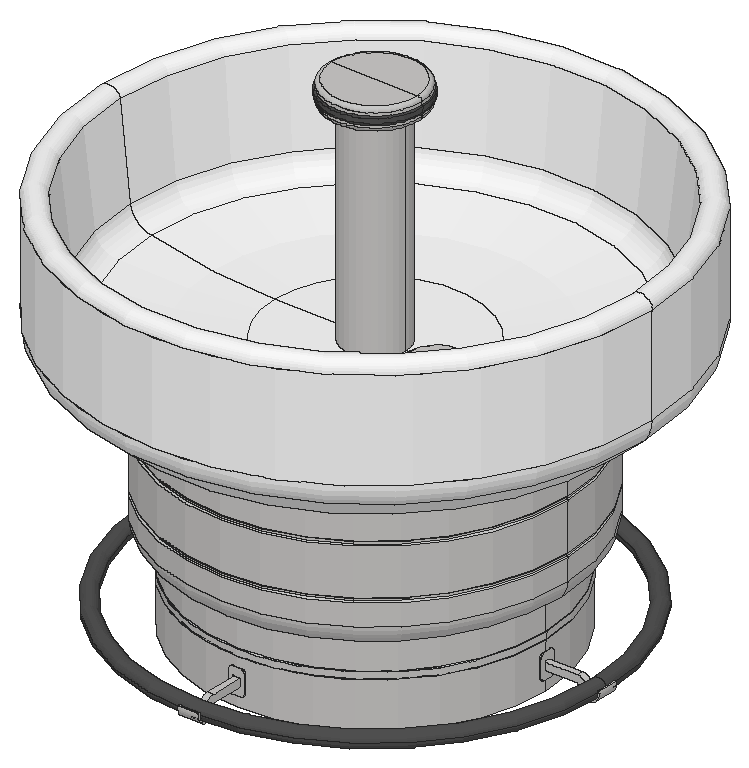
Revit family "Washfountain_Lavatory-Bradley_Corp-WF2605-Type_B_Drain", category Plumbing Fixtures, Revit 2012 (continued)
Automatic sketch dimensions
  plane 3 "Center (Left/Right)" to Masking region 28 sketch curve = 3.52868"
  plane 3 "Center (Left/Right)" to Masking region 28 sketch curve = 5.500"
  Masking region 28 sketch curve to plane 1 "Center (Front/Back)" = 3.13814"  (x2)
  Masking region 28 sketch curve to Masking region 28 sketch curve = 0.06458"  (x2)
  Masking region 28 sketch curve to plane 1 "Center (Front/Back)" = 1.13814"  (x2)
  Masking region 28 sketch curve to Masking region 28 sketch curve = 3.4641"
  Masking region 28 sketch curve to plane 3 "Center (Left/Right)" = 0.06458"
  Masking region 28 sketch curve to plane 3 "Center (Left/Right)" = 3.52868"
  Masking region 28 sketch curve to plane 3 "Center (Left/Right)" = 5.500"
  Masking region 28 sketch curve to Masking region 28 sketch curve = 0.11186"  (x2)
  Masking region 28 sketch curve to Masking region 28 sketch curve = 4.000"
  curve 169 to plane 1 "Center (Front/Back)" = 2.26314"
  plane 3 "Center (Left/Right)" to curve 169 = 7.08013"
  curve 169 to curve 166 = 1.51554"
  curve 166 to curve 165 = 0.06458"
  curve 167 to curve 165 = 0.000"
  plane 3 "Center (Left/Right)" to curve 169 = 1.58013"
  plane 3 "Center (Left/Right)" to curve 166 = 0.06458"
  curve 164 to plane 3 "Center (Left/Right)" = 0.06458"
  curve 168 to plane 3 "Center (Left/Right)" = 1.58013"
  curve 167 to plane 3 "Center (Left/Right)" = 5.500"
  curve 165 to curve 167 = 0.000"
  curve 165 to curve 164 = 0.06458"
  curve 168 to plane 1 "Center (Front/Back)" = 2.26314"
  curve 164 to curve 168 = 1.51554"
  curve 164 to curve 168 = 0.875"  (x2)
  curve 166 to curve 169 = 0.875"  (x2)
  curve 165 to curve 164 = 0.11186"
  curve 167 to curve 165 = 1.750"
  plane 1 "Center (Front/Back)" to curve 166 = 6.38814"
  curve 164 to curve 166 = 0.000"
  Masking region 29 sketch curve to plane 1 "Center (Front/Back)" = 0.000"
  Masking region 29 sketch curve to plane 3 "Center (Left/Right)" = 0.000"
  curve 170 to plane 1 "Center (Front/Back)" = 0.000"
  curve 170 to plane 3 "Center (Left/Right)" = 0.000"
  Masking region 30 sketch curve to plane 1 "Center (Front/Back)" = 0.000"
  Masking region 30 sketch curve to plane 3 "Center (Left/Right)" = 0.000"
  Masking region 31 sketch curve to plane 1 "Center (Front/Back)" = 0.000"
  Masking region 31 sketch curve to plane 3 "Center (Left/Right)" = 0.000"
  Masking region 32 sketch curve to curve 14 = 0.000"
  curve 14 to Masking region 32 sketch curve = 6.47131"
  Masking region 32 sketch curve to Masking region 32 sketch curve = 1.40286"  (x2)
  Masking region 32 sketch curve to Masking region 32 sketch curve = 22.25166"
  Masking region 32 sketch curve to curve 14 = 9.60015"
  curve 14 to Masking region 32 sketch curve = 9.60015"
  Masking region 32 sketch curve to Masking region 32 sketch curve = 5.39985"
  Revolve 17 sketch curve to curve 14 = 0.000"
  Revolve 17 sketch curve to Revolve 17 sketch curve = 0.000"
  curve 14 to Revolve 17 sketch curve = 7.87417"
  Revolve 17 sketch curve to Revolve 17 sketch curve = 1.40286"
  Revolve 17 sketch curve to curve 14 = 12.22916"
  Revolve 17 sketch curve to Revolve 17 sketch curve = 6.77084"
  Revolve 17 sketch curve to Revolve 17 sketch curve = 3.52552"
  Revolve 17 sketch curve to Revolve 17 sketch curve = 2.47448"
  Masking region 33 sketch curve to curve 14 = 0.000"
  curve 14 to Masking region 33 sketch curve = 6.47131"
  Masking region 33 sketch curve to Masking region 33 sketch curve = 1.40286"  (x2)
  Masking region 33 sketch curve to Masking region 33 sketch curve = 22.25166"
  Masking region 33 sketch curve to curve 14 = 12.22916"
  Masking region 33 sketch curve to Masking region 33 sketch curve = 6.77084"
  Extrusion 18 sketch curve to plane 1 "Center (Front/Back)" = 0.000"
  Extrusion 18 sketch curve to plane 3 "Center (Left/Right)" = 0.000"
  plane 3 "Center (Left/Right)" to Extrusion 18 sketch curve = 0.06458"
  plane 3 "Center (Left/Right)" to Extrusion 18 sketch curve = 5.500"
  Extrusion 18 sketch curve to Extrusion 18 sketch curve = 0.06458"  (x2)
  Extrusion 18 sketch curve to plane 3 "Center (Left/Right)" = 0.06458"
  Extrusion 18 sketch curve to plane 3 "Center (Left/Right)" = 5.500"
  Extrusion 18 sketch curve to plane 1 "Center (Front/Back)" = 3.13814"  (x2)
  Extrusion 18 sketch curve to Extrusion 18 sketch curve = 0.11186"
  plane 1 "Center (Front/Back)" to Extrusion 18 sketch curve = 6.38814"
  Extrusion 19 sketch curve to Extrusion 19 sketch curve = 0.000"  (x2)
  Extrusion 19 sketch curve to plane 1 "Center (Front/Back)" = 0.000"
  Extrusion 19 sketch curve to plane 3 "Center (Left/Right)" = 0.000"
  plane 3 "Center (Left/Right)" to Extrusion 19 sketch curve = 0.06458"
  Extrusion 19 sketch curve to Extrusion 19 sketch curve = 2.000"
  Extrusion 19 sketch curve to Extrusion 19 sketch curve = 3.500"  (x2)
  Extrusion 19 sketch curve to Extrusion 19 sketch curve = 0.06458"  (x2)
  Extrusion 19 sketch curve to plane 3 "Center (Left/Right)" = 0.06458"
  Extrusion 19 sketch curve to plane 1 "Center (Front/Back)" = 3.13814"  (x2)
  Extrusion 19 sketch curve to Extrusion 19 sketch curve = 0.11186"
  plane 1 "Center (Front/Back)" to Extrusion 19 sketch curve = 6.38814"
  Sweep 20 sketch curve to profile plane = 0.000"
  profile plane to Sweep 20 sketch curve = 1.425"
  Extrusion 21 sketch curve to Extrusion 21 sketch curve = 0.000"  (x5)
  level to Extrusion 21 sketch curve = 1.57982"
  plane 11 to Extrusion 21 sketch curve = 2.90732"
  Extrusion 21 sketch curve to Extrusion 21 sketch curve = 0.04831"
  Extrusion 21 sketch curve to Extrusion 21 sketch curve = 0.48307"
  Extrusion 21 sketch curve to Extrusion 21 sketch curve = 0.48846"
  Extrusion 21 sketch curve to Extrusion 21 sketch curve = 0.04885"
  Extrusion 21 sketch curve to Extrusion 21 sketch curve = 0.0129"
  Extrusion 22 sketch curve to Extrusion 22 sketch curve = 0.000"  (x3)
  level to Extrusion 22 sketch curve = 0.825"
  plane 11 to Extrusion 22 sketch curve = 3.487"
  Extrusion 22 sketch curve to Extrusion 22 sketch curve = 0.19771"
  Extrusion 22 sketch curve to Extrusion 22 sketch curve = 0.600"
  Extrusion 22 sketch curve to Extrusion 22 sketch curve = 0.45214"
  Extrusion 22 sketch curve to Extrusion 22 sketch curve = 0.14125"
  Extrusion 22 sketch curve to Extrusion 22 sketch curve = 2.19378"
  Extrusion 22 sketch curve to Extrusion 22 sketch curve = 0.34334"
  plane 1 "Center (Front/Back)" to Extrusion 23 sketch curve = 0.49684"
  plane 1 "Center (Front/Back)" to Extrusion 23 sketch curve = 0.24684"  (x2)
  plane 1 "Center (Front/Back)" to Extrusion 23 sketch curve = 0.2403"
  Extrusion 23 sketch curve to plane 1 "Center (Front/Back)" = 0.2403"
  Extrusion 23 sketch curve to plane 1 "Center (Front/Back)" = 0.25316"  (x2)
  Extrusion 23 sketch curve to Extrusion 23 sketch curve = 0.250"
  level to Extrusion 23 sketch curve = 0.71062"
  Extrusion 23 sketch curve to Extrusion 23 sketch curve = 0.2684"  (x2)
  Extrusion 23 sketch curve to Extrusion 23 sketch curve = 0.5882"
  Extrusion 24 sketch curve to Extrusion 24 sketch curve = 0.000"  (x5)
  level to Extrusion 24 sketch curve = 1.57982"
  Extrusion 24 sketch curve to plane 14 = 2.90732"
  Extrusion 24 sketch curve to Extrusion 24 sketch curve = 0.04831"
  Extrusion 24 sketch curve to Extrusion 24 sketch curve = 0.48307"
  Extrusion 24 sketch curve to Extrusion 24 sketch curve = 0.48846"
  Extrusion 24 sketch curve to Extrusion 24 sketch curve = 0.04885"
  Extrusion 24 sketch curve to Extrusion 24 sketch curve = 0.0129"
  Extrusion 25 sketch curve to Extrusion 25 sketch curve = 0.000"  (x3)
  level to Extrusion 25 sketch curve = 0.825"
  Extrusion 25 sketch curve to plane 14 = 3.487"
  Extrusion 25 sketch curve to Extrusion 25 sketch curve = 0.19771"
  Extrusion 25 sketch curve to Extrusion 25 sketch curve = 0.600"
  Extrusion 25 sketch curve to Extrusion 25 sketch curve = 0.45214"
  Extrusion 25 sketch curve to Extrusion 25 sketch curve = 0.14125"
  Extrusion 25 sketch curve to Extrusion 25 sketch curve = 2.19378"
  Extrusion 25 sketch curve to Extrusion 25 sketch curve = 0.34334"
  plane 3 "Center (Left/Right)" to Extrusion 26 sketch curve = 0.50316"
  plane 3 "Center (Left/Right)" to Extrusion 26 sketch curve = 0.25316"  (x2)
  plane 3 "Center (Left/Right)" to Extrusion 26 sketch curve = 0.2403"
  Extrusion 26 sketch curve to plane 3 "Center (Left/Right)" = 0.2403"
  Extrusion 26 sketch curve to plane 3 "Center (Left/Right)" = 0.24684"  (x2)
  Extrusion 26 sketch curve to Extrusion 26 sketch curve = 0.250"
  level to Extrusion 26 sketch curve = 0.71062"
  Extrusion 26 sketch curve to Extrusion 26 sketch curve = 0.2684"  (x2)
  Extrusion 26 sketch curve to Extrusion 26 sketch curve = 0.5882"
  Extrusion 27 sketch curve to Extrusion 27 sketch curve = 0.000"  (x5)
  level to Extrusion 27 sketch curve = 1.57982"
  Extrusion 27 sketch curve to plane 12 = 2.90732"
  Extrusion 27 sketch curve to Extrusion 27 sketch curve = 0.04831"
  Extrusion 27 sketch curve to Extrusion 27 sketch curve = 0.48307"
  Extrusion 27 sketch curve to Extrusion 27 sketch curve = 0.48846"
  Extrusion 27 sketch curve to Extrusion 27 sketch curve = 0.04885"
  Extrusion 27 sketch curve to Extrusion 27 sketch curve = 0.0129"
  Extrusion 28 sketch curve to Extrusion 28 sketch curve = 0.000"  (x3)
  level to Extrusion 28 sketch curve = 0.825"
  Extrusion 28 sketch curve to plane 12 = 3.487"
  Extrusion 28 sketch curve to Extrusion 28 sketch curve = 0.19771"
  Extrusion 28 sketch curve to Extrusion 28 sketch curve = 0.600"
  Extrusion 28 sketch curve to Extrusion 28 sketch curve = 0.45214"
  Extrusion 28 sketch curve to Extrusion 28 sketch curve = 0.14125"
  Extrusion 28 sketch curve to Extrusion 28 sketch curve = 2.19378"
  Extrusion 28 sketch curve to Extrusion 28 sketch curve = 0.34334"
  plane 1 "Center (Front/Back)" to Extrusion 29 sketch curve = 0.50316"
  plane 1 "Center (Front/Back)" to Extrusion 29 sketch curve = 0.25316"  (x2)
  plane 1 "Center (Front/Back)" to Extrusion 29 sketch curve = 0.2403"
  Extrusion 29 sketch curve to plane 1 "Center (Front/Back)" = 0.2403"
  Extrusion 29 sketch curve to plane 1 "Center (Front/Back)" = 0.24684"  (x2)
  Extrusion 29 sketch curve to Extrusion 29 sketch curve = 0.250"
  level to Extrusion 29 sketch curve = 0.71062"
  Extrusion 29 sketch curve to Extrusion 29 sketch curve = 0.2684"  (x2)
  Extrusion 29 sketch curve to Extrusion 29 sketch curve = 0.5882"
  Extrusion 30 sketch curve to Extrusion 30 sketch curve = 0.000"  (x5)
  level to Extrusion 30 sketch curve = 1.57982"
  plane 13 to Extrusion 30 sketch curve = 2.90732"
  Extrusion 30 sketch curve to Extrusion 30 sketch curve = 0.04831"
  Extrusion 30 sketch curve to Extrusion 30 sketch curve = 0.48307"
  Extrusion 30 sketch curve to Extrusion 30 sketch curve = 0.48846"
  Extrusion 30 sketch curve to Extrusion 30 sketch curve = 0.04885"
  Extrusion 30 sketch curve to Extrusion 30 sketch curve = 0.0129"
  Extrusion 31 sketch curve to Extrusion 31 sketch curve = 0.000"  (x3)
  level to Extrusion 31 sketch curve = 0.825"
  plane 13 to Extrusion 31 sketch curve = 3.487"
  Extrusion 31 sketch curve to Extrusion 31 sketch curve = 0.19771"
  Extrusion 31 sketch curve to Extrusion 31 sketch curve = 0.600"
  Extrusion 31 sketch curve to Extrusion 31 sketch curve = 0.45214"
  Extrusion 31 sketch curve to Extrusion 31 sketch curve = 0.14125"
  Extrusion 31 sketch curve to Extrusion 31 sketch curve = 2.19378"
  Extrusion 31 sketch curve to Extrusion 31 sketch curve = 0.34334"
  Extrusion 32 sketch curve to plane 3 "Center (Left/Right)" = 0.50316"
  Extrusion 32 sketch curve to plane 3 "Center (Left/Right)" = 0.25316"  (x2)
  Extrusion 32 sketch curve to plane 3 "Center (Left/Right)" = 0.2403"
  plane 3 "Center (Left/Right)" to Extrusion 32 sketch curve = 0.2403"
  plane 3 "Center (Left/Right)" to Extrusion 32 sketch curve = 0.24684"  (x2)
  Extrusion 32 sketch curve to Extrusion 32 sketch curve = 0.250"
  level to Extrusion 32 sketch curve = 0.71062"
  Extrusion 32 sketch curve to Extrusion 32 sketch curve = 0.2684"  (x2)
  Extrusion 32 sketch curve to Extrusion 32 sketch curve = 0.5882"
  Masking region 34 sketch curve to Masking region 34 sketch curve = 0.000"  (x8)
  level to Masking region 34 sketch curve = 1.57982"
  plane 11 to Masking region 34 sketch curve = 2.90732"
  Masking region 34 sketch curve to Masking region 34 sketch curve = 0.04831"  (x2)
  Masking region 34 sketch curve to Masking region 34 sketch curve = 0.48307"  (x2)
  Masking region 34 sketch curve to Masking region 34 sketch curve = 0.19771"  (x2)
  Masking region 34 sketch curve to Masking region 34 sketch curve = 0.69778"
  Masking region 34 sketch curve to plane 3 "Center (Left/Right)" = 0.67078"
  Masking region 34 sketch curve to plane 3 "Center (Left/Right)" = 0.50316"
  Masking region 34 sketch curve to Masking region 34 sketch curve = 0.2076"  (x2)
  Masking region 34 sketch curve to plane 3 "Center (Left/Right)" = 0.25316"
  Masking region 34 sketch curve to Masking region 34 sketch curve = 0.21002"  (x2)
  plane 3 "Center (Left/Right)" to Masking region 34 sketch curve = 0.25316"  (x2)
  Masking region 34 sketch curve to Masking region 34 sketch curve = 0.250"
  level to Masking region 34 sketch curve = 0.925"
  Masking region 34 sketch curve to plane 12 = 4.18478"
  Masking region 34 sketch curve to Masking region 34 sketch curve = 0.50007"
  level to Masking region 34 sketch curve = 0.825"  (x2)
  Masking region 34 sketch curve to Masking region 34 sketch curve = 0.100"  (x3)
  Masking region 34 sketch curve to Masking region 34 sketch curve = 0.11438"
  Masking region 34 sketch curve to Masking region 34 sketch curve = 0.5049"
  Masking region 34 sketch curve to Masking region 34 sketch curve = 0.16062"
  plane 1 "Center (Front/Back)" to Extrusion 33 sketch curve = 0.50316"
  plane 1 "Center (Front/Back)" to Extrusion 33 sketch curve = 0.25316"  (x2)
  plane 1 "Center (Front/Back)" to Extrusion 33 sketch curve = 0.2403"
  Extrusion 33 sketch curve to plane 1 "Center (Front/Back)" = 0.2403"
  Extrusion 33 sketch curve to plane 1 "Center (Front/Back)" = 0.24684"  (x2)
  Extrusion 33 sketch curve to Extrusion 33 sketch curve = 0.250"
  level to Extrusion 33 sketch curve = 0.71062"
  Extrusion 33 sketch curve to Extrusion 33 sketch curve = 0.2684"  (x2)
  Extrusion 33 sketch curve to Extrusion 33 sketch curve = 0.5882"
  level to Masking region 35 sketch curve = 1.925"
  plane 11 to Masking region 35 sketch curve = 3.487"
  Masking region 35 sketch curve to plane 12 = 3.487"
  Masking region 35 sketch curve to Masking region 35 sketch curve = 0.500"
  Masking region 36 sketch curve to Masking region 36 sketch curve = 0.000"  (x8)
  level to Masking region 36 sketch curve = 1.57982"
  plane 13 to Masking region 36 sketch curve = 2.90732"
  Masking region 36 sketch curve to Masking region 36 sketch curve = 0.04831"  (x2)
  Masking region 36 sketch curve to Masking region 36 sketch curve = 0.48307"  (x2)
  Masking region 36 sketch curve to Masking region 36 sketch curve = 0.19771"  (x2)
  Masking region 36 sketch curve to Masking region 36 sketch curve = 0.69778"
  plane 1 "Center (Front/Back)" to Masking region 36 sketch curve = 0.67078"
  plane 1 "Center (Front/Back)" to Masking region 36 sketch curve = 0.50316"
  Masking region 36 sketch curve to Masking region 36 sketch curve = 0.2076"  (x2)
  Masking region 36 sketch curve to Masking region 36 sketch curve = 0.21002"  (x2)
  Masking region 36 sketch curve to Masking region 36 sketch curve = 0.250"  (x2)
  Masking region 36 sketch curve to plane 1 "Center (Front/Back)" = 0.25316"  (x2)
  level to Masking region 36 sketch curve = 0.925"  (x2)
  Masking region 36 sketch curve to plane 14 = 4.18478"
  Masking region 36 sketch curve to Masking region 36 sketch curve = 0.50007"
  Masking region 36 sketch curve to Masking region 36 sketch curve = 0.100"  (x4)
  Masking region 36 sketch curve to Masking region 36 sketch curve = 0.11438"
  Masking region 36 sketch curve to Masking region 36 sketch curve = 0.5049"
  Masking region 36 sketch curve to Masking region 36 sketch curve = 0.16062"
  plane 13 to Masking region 37 sketch curve = 3.487"
  level to Masking region 37 sketch curve = 1.925"
  Masking region 37 sketch curve to plane 14 = 3.487"
  Masking region 37 sketch curve to Masking region 37 sketch curve = 0.500"
  curve 52 to curve 45 = 0.000"
  curve 48 to curve 45 = 0.000"
  curve 49 to curve 52 = 0.000"
  curve 49 to curve 50 = 0.08719"  (x2)
  curve 48 to curve 55 = 0.08719"
  curve 51 to curve 50 = 0.000"
  curve 47 to curve 55 = 0.000"
  curve 46 to curve 55 = 0.000"
  curve 54 to curve 50 = 0.000"  (x2)
  curve 53 to curve 51 = 1.31567"
  curve 50 to curve 51 = 0.000"
  curve 46 to curve 50 = 0.000"
  curve 47 to curve 46 = 0.000"
  curve 55 to curve 47 = 0.000"
  curve 50 to curve 49 = 0.08719"
  curve 46 to curve 45 = 0.08719"
  curve 47 to curve 48 = 0.08719"  (x2)
  curve 51 to curve 52 = 0.08719"  (x2)
  curve 45 to curve 46 = 0.08719"
  curve 46 to curve 55 = 0.06165"
  curve 55 to curve 47 = 0.06165"
  curve 48 to curve 49 = 3.00695"
  curve 50 to curve 54 = 0.06165"
  curve 54 to curve 51 = 0.06165"
  curve 52 to curve 53 = 2.79334"
  curve 14 to Revolve 1 sketch curve = 0.00013"
  Revolve 1 sketch curve to Revolve 1 sketch curve = 0.000"  (x2)
  curve 14 to Revolve 1 sketch curve = 7.87417"
  Revolve 1 sketch curve to Revolve 1 sketch curve = 0.03572"
  Revolve 1 sketch curve to Revolve 1 sketch curve = 1.31567"  (x2)
  Revolve 1 sketch curve to Revolve 1 sketch curve = 0.08719"  (x6)
  Revolve 1 sketch curve to Revolve 1 sketch curve = 1.40286"
  curve 14 to Revolve 1 sketch curve = 3.20448"
  Revolve 1 sketch curve to Revolve 1 sketch curve = 0.12331"  (x2)
  Revolve 1 sketch curve to Revolve 1 sketch curve = 3.00695"
  Revolve 1 sketch curve to Revolve 1 sketch curve = 1.39048"
  Revolve 1 sketch curve to Revolve 1 sketch curve = 1.94685"
  Revolve 1 sketch curve to Revolve 1 sketch curve = 0.04651"
  Revolve 1 sketch curve to Revolve 1 sketch curve = 0.40685"
  Revolve 1 sketch curve to Revolve 1 sketch curve = 0.04664"
  Revolve 1 sketch curve to Revolve 1 sketch curve = 2.953"
  Revolve 1 sketch curve to Revolve 1 sketch curve = 3.047"
  Revolve 1 sketch curve to curve 14 = 7.453"
  curve 11 to curve 12 = 1.40286"
  curve 12 to curve 13 = 0.000"
  Extrusion 7 sketch curve to plane 4 "Towel Dispenser" = 0.000"
  Extrusion 7 sketch curve to Extrusion 7 sketch curve = 2.250"
  Extrusion 7 sketch curve to Extrusion 7 sketch curve = 1.750"
  Extrusion 8 sketch curve to plane 4 "Towel Dispenser" = 0.000"
  Extrusion 8 sketch curve to Extrusion 8 sketch curve = 2.250"
  Extrusion 8 sketch curve to Extrusion 8 sketch curve = 1.750"
  Extrusion 9 sketch curve to plane 4 "Towel Dispenser" = 0.000"
  Extrusion 9 sketch curve to Extrusion 9 sketch curve = 2.250"
  Extrusion 9 sketch curve to Extrusion 9 sketch curve = 1.750"
  Masking region 13 sketch curve to curve 68 = 0.00086"
  Masking region 13 sketch curve to curve 68 = 6.20573"
  Masking region 13 sketch curve to curve 68 = 5.80997"
  curve 68 to Masking region 13 sketch curve = 0.80997"
  curve 68 to Masking region 13 sketch curve = 1.20573"
  curve 68 to Masking region 14 sketch curve = 0.37529"  (x2)
  Masking region 14 sketch curve to curve 68 = 6.13969"
  Masking region 14 sketch curve to Masking region 14 sketch curve = 0.12563"  (x2)
  Masking region 14 sketch curve to Masking region 14 sketch curve = 0.03107"  (x2)
  Masking region 14 sketch curve to Masking region 14 sketch curve = 0.05262"  (x4)
  Masking region 14 sketch curve to Masking region 14 sketch curve = 0.06777"  (x2)
  Masking region 14 sketch curve to curve 68 = 0.00086"
  Masking region 14 sketch curve to Masking region 14 sketch curve = 1.99988"
  Masking region 14 sketch curve to Masking region 14 sketch curve = 2.04174"
  Masking region 14 sketch curve to curve 68 = 1.23176"
  Masking region 14 sketch curve to curve 68 = 0.86019"
  curve 68 to Masking region 14 sketch curve = 0.80997"
  Masking region 14 sketch curve to Masking region 14 sketch curve = 0.60765"  (x2)
  Masking region 14 sketch curve to Masking region 14 sketch curve = 1.250"  (x3)
  Masking region 14 sketch curve to curve 68 = 4.14235"
  Masking region 14 sketch curve to curve 68 = 2.89235"
  Masking region 14 sketch curve to curve 68 = 1.64235"
  Masking region 14 sketch curve to Masking region 14 sketch curve = 0.62518"  (x2)
  Masking region 15 sketch curve to plane 7 "Rim Height" = 0.000"
  Masking region 15 sketch curve to plane 6 "Spray Head" = 0.44548"  (x2)
  Masking region 15 sketch curve to plane 3 "Center (Left/Right)" = 3.12875"
  Masking region 15 sketch curve to Masking region 15 sketch curve = 0.34375"  (x3)
  Masking region 15 sketch curve to plane 6 "Spray Head" = 0.00048"  (x2)
  Masking region 15 sketch curve to Masking region 15 sketch curve = 0.785"  (x3)
  plane 3 "Center (Left/Right)" to Masking region 15 sketch curve = 2.000"
  Masking region 15 sketch curve to plane 6 "Spray Head" = 1.39048"
  Masking region 15 sketch curve to Masking region 15 sketch curve = 0.945"
  Masking region 15 sketch curve to Masking region 15 sketch curve = 0.445"
  Masking region 15 sketch curve to Masking region 15 sketch curve = 0.500"
  curve 83 to Masking region 16 sketch curve = 0.94548"
  Masking region 16 sketch curve to curve 83 = 3.12875"
  Masking region 16 sketch curve to Masking region 16 sketch curve = 0.34375"  (x3)
  curve 83 to Masking region 16 sketch curve = 0.00048"
  Masking region 16 sketch curve to Masking region 16 sketch curve = 0.785"  (x2)
  curve 83 to Masking region 16 sketch curve = 2.000"
  Masking region 16 sketch curve to curve 83 = 1.215"
  Masking region 16 sketch curve to curve 83 = 0.94548"
  Masking region 16 sketch curve to Masking region 16 sketch curve = 0.445"  (x2)
  Masking region 16 sketch curve to curve 83 = 6.375"
  curve 83 to Masking region 16 sketch curve = 0.44548"  (x2)
  curve 83 to Masking region 17 sketch curve = 0.85173"
  Masking region 17 sketch curve to curve 83 = 3.12875"
  curve 83 to Masking region 17 sketch curve = 0.25048"
  Masking region 17 sketch curve to Masking region 17 sketch curve = 0.09375"  (x3)
  curve 83 to Masking region 17 sketch curve = 0.00048"
  Masking region 17 sketch curve to Masking region 17 sketch curve = 0.250"  (x3)
  Masking region 17 sketch curve to Masking region 17 sketch curve = 0.785"  (x2)
  curve 83 to Masking region 17 sketch curve = 2.000"
  Masking region 17 sketch curve to Masking region 17 sketch curve = 0.000"
  Masking region 17 sketch curve to Masking region 17 sketch curve = 0.695"
  Masking region 17 sketch curve to Masking region 17 sketch curve = 0.195"  (x2)
  Masking region 17 sketch curve to curve 83 = 6.375"
  Masking region 17 sketch curve to Masking region 17 sketch curve = 0.28875"  (x2)
  curve 83 to curve 89 = 0.94548"
  curve 89 to curve 83 = 3.12875"
  curve 84 to curve 89 = 0.000"
  curve 89 to curve 88 = 0.09375"
  curve 84 to curve 85 = 0.09375"
  curve 88 to curve 90 = 1.035"
  curve 83 to curve 90 = 2.000"
  curve 87 to curve 83 = 0.965"
  curve 85 to curve 87 = 0.000"
  curve 85 to curve 86 = 0.09375"
  curve 87 to curve 87 = 0.09375"
  curve 90 to curve 87 = 0.445"
  curve 83 to curve 86 = 0.44548"
  curve 110 to Extrusion 9 = 0.000"  (x3)
  Extrusion 9 to curve 111 = 2.60156"
  curve 111 to curve 111 = 1.000"
  Extrusion 9 to curve 111 = 1.95703"
  curve 112 to Extrusion 7 = 0.000"  (x3)
  Extrusion 7 to curve 113 = 2.60156"
  curve 113 to curve 113 = 1.000"
  Extrusion 7 to curve 113 = 1.95703"
  curve 114 to Extrusion 8 = 0.000"  (x3)
  Extrusion 8 to curve 115 = 2.60156"
  curve 115 to curve 115 = 1.000"
  Extrusion 8 to curve 115 = 1.95703"
  Split face 1 sketch curve to Extrusion 8 = 0.56844"
  Split face 1 sketch curve to Split face 1 sketch curve = 0.750"
  Split face 1 sketch curve to Extrusion 8 = 1.500"  (x2)
  Split face 2 sketch curve to Extrusion 9 = 0.56844"
  Split face 2 sketch curve to Split face 2 sketch curve = 0.750"
  Split face 2 sketch curve to Extrusion 9 = 1.500"  (x2)
  Split face 3 sketch curve to Extrusion 7 = 0.56844"
  Split face 3 sketch curve to Split face 3 sketch curve = 0.750"
  Split face 3 sketch curve to Extrusion 7 = 1.500"  (x2)
  Revolve 14 sketch curve to curve 157 = 0.000"
  Revolve 14 sketch curve to curve 157 = 0.500"
  Revolve 14 sketch curve to curve 157 = 0.60282"
  Revolve 14 sketch curve to Revolve 14 sketch curve = 1.64632"
  Revolve 14 sketch curve to Revolve 14 sketch curve = 0.17678"
  Revolve 14 sketch curve to Revolve 14 sketch curve = 0.000"  (x4)
  Revolve 14 sketch curve to Revolve 14 sketch curve = 0.60355"
  Revolve 14 sketch curve to Revolve 14 sketch curve = 0.176"
  curve 157 to Revolve 14 sketch curve = 0.34072"
  Revolve 14 sketch curve to Revolve 14 sketch curve = 0.1905"
  Revolve 14 sketch curve to Revolve 14 sketch curve = 0.01575"
  Revolve 14 sketch curve to Revolve 14 sketch curve = 0.074"
  Revolve 14 sketch curve to Revolve 14 sketch curve = 0.0755"
  Revolve 14 sketch curve to curve 157 = 1.28252"
  Revolve 14 sketch curve to Revolve 14 sketch curve = 1.13852"
  Revolve 14 sketch curve to curve 157 = 39.99275"
  Revolve 14 sketch curve to Revolve 14 sketch curve = 0.07322"
  Revolve 14 sketch curve to Revolve 14 sketch curve = 0.60277"
  Revolve 14 sketch curve to Revolve 14 sketch curve = 0.22469"
  Revolve 14 sketch curve to Revolve 14 sketch curve = 1.36148"
  Masking region 21 sketch curve to curve 157 = 0.000"
  curve 157 to Masking region 21 sketch curve = 0.56541"
  Masking region 21 sketch curve to curve 157 = 3.07537"
  Masking region 21 sketch curve to Masking region 21 sketch curve = 0.0755"
  Masking region 21 sketch curve to Masking region 21 sketch curve = 0.11925"
  Masking region 21 sketch curve to Masking region 21 sketch curve = 0.000"  (x7)
  Masking region 21 sketch curve to Masking region 21 sketch curve = 0.01575"  (x2)
  Masking region 21 sketch curve to Masking region 21 sketch curve = 0.074"
  Masking region 21 sketch curve to Masking region 21 sketch curve = 0.250"
  Masking region 21 sketch curve to Masking region 21 sketch curve = 0.60277"  (x3)
  Masking region 21 sketch curve to Masking region 21 sketch curve = 0.17678"  (x2)
  Masking region 21 sketch curve to curve 157 = 0.60282"
  Masking region 21 sketch curve to curve 157 = 0.500"
  curve 157 to Masking region 21 sketch curve = 1.28252"
  Masking region 21 sketch curve to Masking region 21 sketch curve = 0.43497"
  curve 157 to Masking region 21 sketch curve = 0.500"
  curve 157 to Masking region 21 sketch curve = 0.60282"
  Masking region 21 sketch curve to Masking region 21 sketch curve = 1.64632"
  Masking region 21 sketch curve to Masking region 21 sketch curve = 0.60355"
  Masking region 21 sketch curve to Masking region 21 sketch curve = 0.176"
  curve 157 to Masking region 21 sketch curve = 0.34072"
  Masking region 21 sketch curve to Masking region 21 sketch curve = 0.1905"
  Masking region 21 sketch curve to Masking region 21 sketch curve = 0.0595"
  Masking region 21 sketch curve to Masking region 21 sketch curve = 0.135"
  Masking region 21 sketch curve to curve 157 = 39.99275"
  Masking region 21 sketch curve to Masking region 21 sketch curve = 0.07322"  (x2)
  Masking region 21 sketch curve to Masking region 21 sketch curve = 0.22469"
  Masking region 21 sketch curve to Masking region 21 sketch curve = 0.13441"
  Revolve 15 sketch curve to curve 157 = 0.000"
  Revolve 15 sketch curve to curve 157 = 0.500"
  Revolve 15 sketch curve to Revolve 15 sketch curve = 1.74987"
  Revolve 15 sketch curve to Revolve 15 sketch curve = 0.8255"  (x2)
  Revolve 15 sketch curve to Revolve 15 sketch curve = 0.000"
  Revolve 15 sketch curve to Revolve 15 sketch curve = 1.22135"
  curve 157 to Revolve 15 sketch curve = 1.52865"
  Masking region 22 sketch curve to curve 157 = 0.000"
  Masking region 22 sketch curve to curve 157 = 3.07537"
  Masking region 22 sketch curve to Masking region 22 sketch curve = 0.8255"  (x4)
  Masking region 22 sketch curve to curve 157 = 0.500"
  curve 157 to Masking region 22 sketch curve = 0.500"
  Masking region 22 sketch curve to Masking region 22 sketch curve = 1.74987"
  curve 157 to Masking region 25 sketch curve = 3.500"
  Masking region 25 sketch curve to curve 157 = 0.500"
  curve 157 to Masking region 25 sketch curve = 0.500"
  Masking region 26 sketch curve to curve 68 = 2.000"
  curve 68 to Masking region 26 sketch curve = 2.000"
  Masking region 26 sketch curve to curve 68 = 8.500"
  curve 161 to curve 157 = 3.07537"
  curve 157 to curve 160 = 0.56541"
  curve 161 to curve 160 = 0.0755"
  curve 162 to curve 157 = 0.500"
  curve 157 to curve 162 = 0.500"
  curve 157 to curve 160 = 2.99987"
  curve 160 to curve 161 = 0.0755"
  curve 161 to curve 160 = 1.44948"
  curve 162 to curve 157 = 2.84038"
  Masking region 12 sketch curve to curve 14 = 0.000"
  curve 14 to Masking region 12 sketch curve = 3.20436"
  curve 14 to Masking region 12 sketch curve = 6.47131"
  Masking region 12 sketch curve to Masking region 12 sketch curve = 0.000"  (x3)
  Masking region 12 sketch curve to Masking region 12 sketch curve = 0.08719"  (x12)
  Masking region 12 sketch curve to Masking region 12 sketch curve = 1.36714"
  Masking region 12 sketch curve to Masking region 12 sketch curve = 0.03572"  (x3)
  Masking region 12 sketch curve to Masking region 12 sketch curve = 22.25166"
  curve 14 to Masking region 12 sketch curve = 11.547"
  curve 14 to Masking region 12 sketch curve = 12.00036"
  curve 14 to Masking region 12 sketch curve = 11.59351"
  Masking region 12 sketch curve to Masking region 12 sketch curve = 1.31567"  (x2)
  curve 14 to Masking region 12 sketch curve = 6.71949"
  curve 14 to Masking region 12 sketch curve = 6.80668"
  Masking region 12 sketch curve to curve 14 = 12.00036"
  Masking region 12 sketch curve to Masking region 12 sketch curve = 0.04664"  (x2)
  Masking region 12 sketch curve to Masking region 12 sketch curve = 2.953"
  Masking region 12 sketch curve to Masking region 12 sketch curve = 0.40685"
  Masking region 12 sketch curve to Masking region 12 sketch curve = 0.04347"
  Masking region 12 sketch curve to Masking region 12 sketch curve = 0.00305"
  Masking region 12 sketch curve to Masking region 12 sketch curve = 1.94697"  (x2)
  Masking region 12 sketch curve to Masking region 12 sketch curve = 1.39048"
  Masking region 12 sketch curve to Masking region 12 sketch curve = 0.12331"  (x3)
  Masking region 12 sketch curve to Masking region 12 sketch curve = 0.29769"
  Masking region 12 sketch curve to Masking region 12 sketch curve = 3.00695"
  plane 3 "Center (Left/Right)" to curve 13 = 0.48842"
  Masking region 7 sketch curve to Masking region 7 sketch curve = 0.000"  (x3)
  Masking region 7 sketch curve to Masking region 7 sketch curve = 0.08719"  (x13)
  Masking region 7 sketch curve to Masking region 7 sketch curve = 1.36714"
  Masking region 7 sketch curve to Masking region 7 sketch curve = 0.0357"
  Masking region 7 sketch curve to Masking region 7 sketch curve = 0.03572"  (x2)
  Masking region 7 sketch curve to Masking region 7 sketch curve = 0.00003"
  Masking region 7 sketch curve to Masking region 7 sketch curve = 1.31567"
  Masking region 7 sketch curve to Masking region 7 sketch curve = 3.40748"  (x2)
  Masking region 7 sketch curve to Masking region 7 sketch curve = 0.12331"  (x4)
  Masking region 7 sketch curve to Masking region 7 sketch curve = 3.00695"  (x2)
  Masking region 7 sketch curve to Masking region 7 sketch curve = 1.39048"  (x2)
  Masking region 7 sketch curve to Masking region 7 sketch curve = 1.94672"  (x2)
  Masking region 7 sketch curve to Masking region 7 sketch curve = 0.04651"  (x4)
  Masking region 7 sketch curve to Masking region 7 sketch curve = 0.40697"  (x2)
  Masking region 7 sketch curve to Masking region 7 sketch curve = 2.75012"
  curve 207 to curve 208 = 0.000"
  curve 210 to curve 208 = 0.000"
  curve 207 to curve 206 = 0.03572"
  curve 208 to curve 209 = 0.03572"
  curve 209 to curve 210 = 0.0357"
  curve 206 to curve 207 = 0.03572"
  curve 209 to curve 208 = 0.0357"
  curve 206 to curve 207 = 0.04651"
  curve 207 to curve 210 = 0.20349"
  curve 210 to curve 208 = 0.20349"
  curve 208 to curve 209 = 0.04651"
  curve 52 to curve 208 = 1.36714"
  curve 53 to curve 206 = 0.000"
  curve 206 to curve 53 = 0.000"
  curve 209 to curve 207 = 0.0357"
  curve 53 to curve 206 = 1.7442"
  Masking region 18 sketch curve to curve 95 = 0.000"  (x2)
  curve 95 to Masking region 18 sketch curve = 9.97132"
  Masking region 18 sketch curve to Masking region 18 sketch curve = 1.94856"
  Masking region 18 sketch curve to Masking region 18 sketch curve = 3.4641"  (x2)
  Masking region 18 sketch curve to Masking region 18 sketch curve = 5.08013"  (x2)
  Masking region 18 sketch curve to Masking region 18 sketch curve = 4.000"  (x2)
  Masking region 18 sketch curve to Masking region 18 sketch curve = 3.56458"  (x2)
  curve 95 to Masking region 18 sketch curve = 13.875"
  curve 108 to curve 128 = 0.000"
  curve 116 to curve 128 = 1.375"
  curve 128 to curve 116 = 11.97132"
  curve 128 to curve 98 = 11.97132"
  curve 104 to curve 118 = 0.97852"
  curve 104 to curve 120 = 1.17006"
  curve 123 to curve 123 = 0.55422"
  curve 122 to curve 128 = 0.29641"
  curve 123 to curve 122 = 0.55422"
  curve 123 to curve 123 = 0.10867"
  curve 98 to curve 116 = 2.750"
  curve 121 to curve 116 = 0.43861"
  curve 121 to curve 120 = 0.10867"
  curve 120 to curve 121 = 0.55422"
  curve 121 to curve 122 = 0.55422"
  curve 122 to curve 108 = 0.75018"
  curve 98 to curve 109 = 1.52868"
  curve 108 to curve 106 = 0.41987"
  curve 106 to curve 96 = 1.51554"
  curve 96 to curve 97 = 0.12917"
  curve 97 to curve 107 = 1.51554"
  curve 97 to curve 109 = 1.93542"
  curve 107 to curve 108 = 0.41987"
  curve 127 to curve 128 = 0.33667"
  curve 108 to curve 127 = 0.64152"
  curve 127 to curve 126 = 0.10867"
  curve 126 to curve 127 = 0.55422"
  curve 127 to curve 102 = 0.22428"
  curve 102 to curve 124 = 0.32994"
  curve 117 to curve 119 = 0.97852"
  curve 100 to curve 117 = 2.750"
  curve 117 to curve 126 = 0.4715"
  curve 126 to curve 125 = 0.55422"
  curve 125 to curve 124 = 0.55422"
  curve 125 to curve 125 = 0.10867"
  curve 117 to curve 101 = 2.750"
  curve 126 to curve 127 = 0.04026"
  curve 123 to curve 123 = 0.04026"
  curve 127 to curve 117 = 0.29641"
  curve 104 to curve 118 = 2.60156"
  curve 117 to curve 119 = 2.60156"
  curve 118 to curve 118 = 1.000"
  curve 119 to curve 119 = 1.000"
  curve 118 to curve 116 = 8.14844"
  curve 119 to curve 117 = 8.14844"
  curve 116 to curve 98 = 1.50033"
  curve 117 to curve 102 = 1.50033"
  curve 98 to curve 99 = 0.6875"
  Masking region 19 sketch curve to curve 140 = 0.000"  (x2)
  Masking region 19 sketch curve to curve 140 = 7.250"
  Masking region 19 sketch curve to Masking region 19 sketch curve = 2.250"
  Masking region 19 sketch curve to curve 140 = 3.250"
  Masking region 19 sketch curve to curve 140 = 2.000"
  curve 140 to Masking region 19 sketch curve = 2.000"  (x2)
  curve 140 to Masking region 19 sketch curve = 2.88814"
  curve 140 to Masking region 19 sketch curve = 3.76314"
  Masking region 19 sketch curve to curve 140 = 1.375"  (x2)
  Masking region 19 sketch curve to Masking region 19 sketch curve = 1.125"
  Masking region 19 sketch curve to curve 140 = 13.875"
  curve 140 to Masking region 19 sketch curve = 14.62533"
  Masking region 19 sketch curve to Masking region 19 sketch curve = 1.250"
  Masking region 19 sketch curve to Masking region 19 sketch curve = 1.000"
  curve 68 to curve 74 = 0.37529"
  curve 74 to curve 68 = 6.13969"
  curve 73 to curve 74 = 0.000"  (x2)
  curve 73 to curve 72 = 0.1567"
  curve 72 to curve 71 = 0.05262"
  curve 71 to curve 70 = 0.05262"
  curve 70 to curve 69 = 0.06777"
  curve 91 to curve 68 = 2.095"
  curve 68 to curve 91 = 2.095"
  curve 68 to curve 69 = 0.80997"
  curve 68 to curve 70 = 0.87775"
  curve 68 to curve 71 = 0.93037"
  curve 68 to curve 72 = 0.98298"
  curve 68 to curve 74 = 1.13969"
  curve 73 to curve 74 = 0.62518"
  curve 72 to curve 73 = 0.64189"
  curve 71 to curve 68 = 2.89235"
  curve 70 to curve 71 = 1.250"
  curve 69 to curve 70 = 1.250"
  Extrusion 34 sketch curve to plane 1 "Center (Front/Back)" = 0.000"
  plane 3 "Center (Left/Right)" to Extrusion 34 sketch curve = 4.000"
  Extrusion 35 sketch curve to Extrusion 35 sketch curve = 0.000"  (x6)
  Extrusion 35 sketch curve to plane 12 = 12.250"
  Extrusion 35 sketch curve to Extrusion 35 sketch curve = 0.87229"
  Extrusion 35 sketch curve to Extrusion 35 sketch curve = 0.25708"  (x6)
  Extrusion 35 sketch curve to Extrusion 35 sketch curve = 0.62063"  (x9)
  Extrusion 35 sketch curve to plane 1 "Center (Front/Back)" = 0.87771"
  Extrusion 35 sketch curve to Extrusion 35 sketch curve = 0.87771"
  curve 173 to curve 174 = 0.000"  (x2)
  curve 212 to curve 213 = 0.000"  (x2)
  curve 212 to curve 214 = 0.000"  (x2)
  curve 217 to plane 1 "Center (Front/Back)" = 0.000"
  curve 214 to plane 1 "Center (Front/Back)" = 0.000"
  curve 221 to plane 1 "Center (Front/Back)" = 0.000"
  curve 173 to plane 1 "Center (Front/Back)" = 0.000"
  curve 173 to plane 3 "Center (Left/Right)" = 0.000"
  curve 221 to curve 173 = 3.12229"
  curve 222 to curve 221 = 0.25708"
  curve 220 to curve 221 = 0.25708"
  curve 219 to curve 220 = 0.62063"
  curve 212 to curve 222 = 0.62063"
  curve 215 to curve 222 = 0.62063"
  curve 216 to curve 215 = 0.62063"
  curve 218 to curve 219 = 0.62063"
  curve 217 to curve 216 = 0.25708"
  curve 216 to plane 1 "Center (Front/Back)" = 0.62063"
  curve 222 to plane 1 "Center (Front/Back)" = 0.62063"
  curve 215 to curve 222 = 0.25708"
  plane 1 "Center (Front/Back)" to curve 218 = 0.62063"
  plane 1 "Center (Front/Back)" to curve 220 = 0.62063"
  curve 218 to curve 219 = 0.25708"
  plane 13 to curve 223 = 2.58778"
  curve 223 to curve 223 = 4.500"
  curve 91 to curve 68 = 6.000"
  Revolve 2 sketch curve to Revolve 2 sketch curve = 4.500"
  Revolve 2 sketch curve to Revolve 2 sketch curve = 2.000"
  Revolve 2 sketch curve to Revolve 2 sketch curve = 0.10901"
  Revolve 2 sketch curve to Revolve 2 sketch curve = 1.49178"
  Revolve 2 sketch curve to curve 1 = 0.59415"
  Revolve 2 sketch curve to Revolve 2 sketch curve = 0.64709"
  Revolve 2 sketch curve to Revolve 2 sketch curve = 0.562"
  Revolve 2 sketch curve to Revolve 2 sketch curve = 0.51639"
  Revolve 2 sketch curve to Revolve 2 sketch curve = 0.73361"
  Revolve 2 sketch curve to Revolve 2 sketch curve = 1.41421"
  Revolve 2 sketch curve to Revolve 2 sketch curve = 0.000"  (x2)
  Revolve 2 sketch curve to Revolve 2 sketch curve = 0.15679"
  Revolve 2 sketch curve to Revolve 2 sketch curve = 6.42149"
  Revolve 2 sketch curve to Revolve 2 sketch curve = 1.06235"
  Revolve 2 sketch curve to Revolve 2 sketch curve = 1.562"
  Revolve 2 sketch curve to Revolve 2 sketch curve = 6.188"
  Revolve 2 sketch curve to curve 1 = 8.69944"
  Revolve 2 sketch curve to Revolve 2 sketch curve = 0.9098"
  Revolve 2 sketch curve to Revolve 2 sketch curve = 0.58579"
  Revolve 10 sketch curve to curve 1 = 0.000"
  Revolve 10 sketch curve to Revolve 10 sketch curve = 2.000"
  Revolve 10 sketch curve to Revolve 10 sketch curve = 4.66201"
  Revolve 10 sketch curve to Revolve 10 sketch curve = 9.08188"
  Revolve 10 sketch curve to Revolve 10 sketch curve = 0.83495"
  Revolve 10 sketch curve to Revolve 10 sketch curve = 1.42116"
  Revolve 10 sketch curve to curve 1 = 2.07993"
  Revolve 10 sketch curve to Revolve 10 sketch curve = 1.05601"
  Revolve 10 sketch curve to Revolve 10 sketch curve = 1.562"
  Revolve 10 sketch curve to Revolve 10 sketch curve = 4.40579"
  Masking region 1 sketch curve to curve 1 = 0.000"
  Masking region 8 sketch curve to curve 61 = 0.000"
  curve 177 to curve 205 = 0.000"  (x2)
  curve 197 to curve 199 = 0.000"  (x2)
  level to curve 177 = 1.55401"
  plane 11 to curve 177 = 3.00393"
  curve 177 to curve 177 = 0.48307"
  curve 178 to curve 205 = 0.33166"
  curve 205 to curve 178 = 0.36611"
  curve 178 to curve 202 = 2.65367"
  curve 204 to curve 202 = 0.000"
  curve 201 to curve 204 = 0.000"
  curve 201 to curve 200 = 0.03572"
  curve 202 to curve 203 = 0.03572"
  curve 181 to plane 3 "Center (Left/Right)" = 0.67078"
  curve 181 to curve 179 = 0.16762"
  curve 181 to curve 180 = 0.2076"
  plane 3 "Center (Left/Right)" to curve 180 = 0.46318"
  plane 3 "Center (Left/Right)" to curve 179 = 0.50316"
  curve 179 to curve 183 = 0.16762"
  level to curve 200 = 3.453"
  curve 200 to plane 12 = 6.87417"
  curve 203 to curve 200 = 0.000"
  curve 200 to curve 204 = 0.03572"
  curve 203 to curve 202 = 0.03572"
  curve 200 to curve 201 = 0.03572"
  level to curve 198 = 0.925"
  curve 202 to curve 198 = 2.65367"
  curve 198 to curve 199 = 0.36611"
  curve 199 to curve 199 = 0.33166"
  curve 197 to curve 197 = 0.48307"
  level to curve 180 = 0.825"
  level to curve 205 = 0.825"
  curve 199 to curve 197 = 0.100"
  curve 180 to curve 181 = 0.100"
  curve 180 to curve 183 = 0.100"
  curve 181 to curve 182 = 0.69191"
  curve 182 to curve 179 = 0.30809"
  curve 203 to curve 200 = 0.500"
  curve 203 to curve 202 = 0.04664"
  curve 202 to curve 204 = 0.20342"
  curve 201 to curve 200 = 0.04651"
  Extrusion 37 sketch curve to plane 3 "Center (Left/Right)" = 1.000"
  plane 3 "Center (Left/Right)" to Extrusion 37 sketch curve = 1.000"
  Extrusion 37 sketch curve to plane 1 "Center (Front/Back)" = 4.500"
  Extrusion 37 sketch curve to Extrusion 37 sketch curve = 1.000"
  Masking region 1 sketch curve to curve 1 = 42.13744"
  Masking region 1 sketch curve to curve 1 = 6.13744"
  Masking region 8 sketch curve to curve 61 = 18.000"
  curve 61 to Masking region 8 sketch curve = 13.000"
  Revolve 38 sketch curve to Revolve 38 sketch curve = 0.000"
  Revolve 38 sketch curve to Revolve 38 sketch curve = 6.13971"
  Revolve 38 sketch curve to Revolve 38 sketch curve = 0.06598"
  Revolve 38 sketch curve to Revolve 38 sketch curve = 1.80338"
  Revolve 38 sketch curve to curve 2 = 1.69615"
  Masking region 2 sketch curve to curve 1 = 0.000"
  Masking region 2 sketch curve to curve 1 = 7.17157"
  Masking region 2 sketch curve to curve 1 = 42.13744"
  Masking region 2 sketch curve to Masking region 2 sketch curve = 0.000"  (x4)
  Masking region 2 sketch curve to Masking region 2 sketch curve = 0.58579"  (x2)
  Masking region 2 sketch curve to Masking region 2 sketch curve = 0.750"  (x2)
  Masking region 2 sketch curve to Masking region 2 sketch curve = 1.41421"  (x2)
  Masking region 2 sketch curve to Masking region 2 sketch curve = 1.97621"
  Masking region 2 sketch curve to curve 1 = 8.69944"
  Masking region 2 sketch curve to Masking region 2 sketch curve = 0.562"
  Masking region 2 sketch curve to curve 1 = 0.75008"
  Masking region 2 sketch curve to Masking region 2 sketch curve = 1.250"
  Masking region 2 sketch curve to Masking region 2 sketch curve = 0.00008"
  Masking region 2 sketch curve to Masking region 2 sketch curve = 1.66421"  (x2)
  Masking region 9 sketch curve to curve 61 = 0.000"
  curve 61 to Masking region 9 sketch curve = 0.74972"  (x2)
  Masking region 9 sketch curve to curve 61 = 18.000"
  Masking region 9 sketch curve to Masking region 9 sketch curve = 0.000"  (x4)
  Masking region 9 sketch curve to Masking region 9 sketch curve = 0.58579"  (x2)
  Masking region 9 sketch curve to Masking region 9 sketch curve = 0.72964"
  Masking region 9 sketch curve to Masking region 9 sketch curve = 1.41421"
  Masking region 9 sketch curve to Masking region 9 sketch curve = 1.98375"
  curve 61 to Masking region 9 sketch curve = 10.43046"
  Masking region 9 sketch curve to Masking region 9 sketch curve = 0.56954"
  Masking region 9 sketch curve to Masking region 9 sketch curve = 1.250"
  Masking region 9 sketch curve to Masking region 9 sketch curve = 0.02036"
  Masking region 9 sketch curve to Masking region 9 sketch curve = 6.42149"  (x2)
  Masking region 9 sketch curve to Masking region 9 sketch curve = 1.66457"
  Masking region 6 sketch curve to level = 0.000"
  Masking region 6 sketch curve to plane 14 = 5.47131"
  plane 13 to Masking region 6 sketch curve = 6.87417"
  level to Masking region 6 sketch curve = 5.19685"
  Masking region 6 sketch curve to plane 8 "Pedestal Height" = 4.20313"
  Masking region 7 sketch curve to level = 0.000"
  Masking region 7 sketch curve to plane 14 = 5.47131"
  plane 13 to Masking region 7 sketch curve = 6.87417"
  curve 45 to plane 14 = 5.47131"
  level to curve 206 = 3.45264"
  plane 13 to curve 206 = 6.87417"
  curve 14 to Masking region 33 sketch curve = 12.22916"
  curve 130 to curve 129 = 0.000"
  curve 131 to curve 129 = 0.000"
  curve 129 to curve 130 = 15.43542"
  curve 137 to curve 129 = 0.29641"
  curve 130 to curve 137 = 1.56458"
  curve 136 to curve 136 = 0.750"
  curve 134 to curve 129 = 1.375"
  curve 136 to curve 134 = 3.250"
  curve 138 to curve 129 = 0.6875"
  curve 138 to curve 131 = 2.31458"
  curve 139 to curve 134 = 2.02161"
  curve 138 to curve 138 = 0.750"
  curve 133 to curve 134 = 0.000"
  curve 135 to curve 139 = 2.89797"
  curve 139 to curve 139 = 1.000"
  curve 139 to curve 132 = 9.64877"
  curve 132 to curve 131 = 0.6875"
  curve 132 to curve 130 = 0.708"
  curve 2 to curve 67 = 0.37529"
  curve 2 to curve 67 = 11.99772"
  curve 66 to curve 67 = 0.000"
  curve 66 to curve 65 = 0.1567"
  curve 65 to curve 64 = 0.05262"
  curve 64 to curve 63 = 0.05262"
  curve 63 to curve 62 = 0.06777"
  curve 62 to curve 82 = 3.715"
  curve 82 to curve 82 = 4.190"
  curve 82 to curve 62 = 3.715"
  curve 62 to curve 63 = 0.06777"
  curve 63 to curve 64 = 0.05262"
  curve 64 to curve 65 = 0.05262"
  curve 65 to curve 66 = 0.1567"
  curve 67 to curve 66 = 0.000"
  curve 66 to curve 67 = 0.62518"
  curve 65 to curve 66 = 0.64189"
  curve 64 to curve 65 = 1.250"
  curve 63 to curve 64 = 1.250"
  curve 62 to curve 63 = 1.250"
  curve 82 to curve 62 = 0.60765"
  curve 149 to curve 223 = 0.000"
  curve 148 to curve 223 = 0.000"
  curve 143 to curve 223 = 0.000"
  curve 155 to curve 223 = 0.000"
  curve 149 to curve 223 = 14.16222"
  curve 149 to curve 148 = 0.11186"
  curve 148 to curve 143 = 0.875"
  curve 143 to curve 155 = 0.26314"
  curve 147 to curve 154 = 1.13814"
  curve 155 to curve 141 = 0.86186"
  curve 143 to curve 151 = 0.01927"
  curve 151 to curve 152 = 0.39728"
  curve 151 to curve 151 = 0.31998"
  curve 151 to curve 150 = 0.31998"
  curve 150 to curve 142 = 0.63832"
  curve 145 to curve 154 = 3.13814"
  curve 150 to curve 155 = 2.08162"
  curve 141 to curve 223 = 7.28722"
  curve 223 to curve 152 = 0.29641"
  curve 152 to curve 144 = 2.18152"
  curve 152 to curve 153 = 0.31998"
  curve 153 to curve 153 = 0.31998"
  curve 153 to curve 153 = 0.39728"
  curve 146 to curve 223 = 2.52408"
  curve 151 to curve 152 = 0.17192"
  curve 223 to curve 141 = 1.375"
  curve 142 to curve 150 = 2.89797"
  curve 142 to curve 142 = 1.000"
  curve 145 to curve 142 = 9.64877"
  curve 149 to curve 145 = 0.6875"
  curve 148 to curve 149 = 0.000"
  curve 154 to curve 145 = 0.6875"
  curve 223 to curve 141 = 10.375"
  curve 184 to curve 186 = 0.000"  (x2)
  curve 188 to curve 190 = 0.000"  (x2)
  plane 13 to curve 190 = 3.00393"
  curve 190 to curve 188 = 0.48307"
  curve 188 to curve 191 = 0.33166"
  curve 188 to curve 189 = 0.48846"
  curve 189 to curve 189 = 0.04885"
  curve 189 to curve 188 = 0.04885"
  curve 189 to curve 188 = 0.000"
  curve 191 to curve 191 = 0.36611"
  plane 1 "Center (Front/Back)" to curve 194 = 0.67078"
  curve 193 to curve 195 = 0.16762"
  curve 194 to curve 196 = 0.2076"
  curve 196 to plane 1 "Center (Front/Back)" = 0.46318"
  curve 195 to plane 1 "Center (Front/Back)" = 0.50316"
  curve 195 to curve 193 = 0.16762"
  level to curve 187 = 0.925"
  curve 187 to plane 14 = 4.18478"
  curve 187 to curve 184 = 0.11162"
  curve 185 to curve 184 = 0.000"
  curve 184 to curve 185 = 0.04885"
  curve 185 to curve 185 = 0.04885"
  curve 187 to curve 187 = 0.36611"
  curve 185 to curve 186 = 0.48846"
  curve 184 to curve 186 = 0.48307"
  level to curve 191 = 0.925"
  level to curve 194 = 0.925"
  curve 188 to curve 191 = 0.100"
  level to curve 196 = 0.825"
  curve 184 to curve 187 = 0.100"
  curve 196 to curve 192 = 0.100"
  curve 192 to curve 192 = 0.69191"
  curve 193 to curve 195 = 0.30809"
  curve 156 to Masking region 38 sketch curve = 1.8649"  (x2)
  curve 156 to Masking region 38 sketch curve = 0.8649"  (x2)
  Masking region 39 sketch curve to curve 156 = 3.07537"
  Masking region 39 sketch curve to Masking region 39 sketch curve = 0.0755"  (x2)
  curve 156 to Masking region 39 sketch curve = 1.1149"
  curve 156 to Masking region 39 sketch curve = 2.74987"
  Masking region 39 sketch curve to Masking region 39 sketch curve = 0.500"  (x2)
  curve 156 to Masking region 39 sketch curve = 1.6149"
  level to Masking region 40 sketch curve = 2.33562"
  plane 11 to Masking region 40 sketch curve = 6.78901"
  Masking region 40 sketch curve to Masking region 40 sketch curve = 0.000"  (x2)
  Masking region 40 sketch curve to Masking region 40 sketch curve = 0.08516"  (x2)
  level to Masking region 40 sketch curve = 0.925"
  Masking region 40 sketch curve to plane 12 = 6.87417"
  Masking region 40 sketch curve to Masking region 40 sketch curve = 0.06838"  (x2)
  level to Masking region 40 sketch curve = 0.71062"
  Masking region 40 sketch curve to Masking region 40 sketch curve = 0.21438"  (x2)
  Masking region 40 sketch curve to Masking region 40 sketch curve = 0.41062"  (x2)
  Masking region 40 sketch curve to Masking region 40 sketch curve = 1.000"
  level to Masking region 41 sketch curve = 2.33562"
  plane 13 to Masking region 41 sketch curve = 6.80579"
  Masking region 41 sketch curve to Masking region 41 sketch curve = 0.000"
  Masking region 41 sketch curve to Masking region 41 sketch curve = 0.06838"  (x3)
  level to Masking region 41 sketch curve = 0.71062"  (x2)
  Masking region 41 sketch curve to plane 14 = 6.87417"
  Masking region 41 sketch curve to Masking region 41 sketch curve = 0.00003"
  Masking region 41 sketch curve to Masking region 41 sketch curve = 0.06836"
  Masking region 41 sketch curve to Masking region 41 sketch curve = 0.21438"  (x2)
  Masking region 41 sketch curve to Masking region 41 sketch curve = 1.000"
  Masking region 41 sketch curve to Masking region 41 sketch curve = 0.41062"  (x2)
  radius of curve 175 = 14.513"
  radius of Extrusion 6 sketch curve = 2.000"
  radius of curve 171 = 2.785"
  radius of curve 172 = 3.035"
  radius of Extrusion 16 sketch curve = 2.000"
  radius of Masking region 27 sketch curve = 18.000"
  radius of Masking region 28 sketch curve = 2.000"
  radius of Masking region 29 sketch curve = 6.13971"
  radius of curve 170 = 4.13984"
  radius of Masking region 30 sketch curve = 4.57537"
  radius of Masking region 31 sketch curve = 3.12875"
  radius of Extrusion 18 sketch curve = 2.000"
  radius of Sweep 20 sketch curve = 0.500"
  radius of Extrusion 34 sketch curve = 1.750"
  radius of Extrusion 35 sketch curve = 0.1842"  (x9)
  radius of curve 211 to Extrusion 35 = 0.500"
  radius of curve 173 = 16.000"
  radius of curve 174 = 14.000"
  radius of curve 212 = 1.750"
  radius of curve 213 = 1.250"
  radius of curve 214 = 0.1842"
  radius of curve 215 = 0.1842"
  radius of curve 216 = 0.1842"
  radius of curve 217 = 0.1842"
  radius of curve 218 = 0.1842"
  radius of curve 219 = 0.1842"
  radius of curve 220 = 0.1842"
  radius of curve 221 = 0.1842"
  radius of curve 222 = 0.1842"
  radius of Extrusion 39 sketch curve = 0.500"
  radius of Extrusion 40 sketch curve = 0.500"
  radius of Extrusion 41 sketch curve = 0.250"
  radius of Extrusion 42 sketch curve = 0.250"
Connectors (in)
  piping at (0.875, 1.25, 31.625), driven by "Hot Lavatory Inlet Radius", driven by "HWFU"
    settings: on Extrusion 36, index 1, connector radius 1/4", flow factor 0, pipe flow 0.0 GPM, pressure drop 0.0 psi, fitting loss kfactor 0, connector angle 0.00°, fixture units 0, engagement length 0.000", flow configuration 3, flow direction 1, fitting loss method 0, system type 19, joint type 0, gender type 0, connector reference index -1, connector utility 0, adjustable connector no, is connector primary yes, fitting loss table "", connector description "Hot Lavatory Inlet"
  piping at (-0.875, 1.25, 31.625), driven by "Cold Lavatory Inlet Radius", driven by "CWFU"
    settings: on Extrusion 36, index 2, connector radius 1/4", flow factor 0, pipe flow 0.0 GPM, pressure drop 0.0 psi, fitting loss kfactor 0, connector angle 0.00°, fixture units 0, engagement length 0.000", flow configuration 3, flow direction 1, fitting loss method 0, system type 20, joint type 0, gender type 0, connector reference index -1, connector utility 0, adjustable connector no, is connector primary no, fitting loss table "", connector description "Cold Lavatory Inlet"
  piping at (-4, 0, 0), driven by "Drain Radius", driven by "WFU"
    settings: on Extrusion 37, index 3, connector radius 1", flow factor 0, pipe flow 0.0 GPM, pressure drop 0.0 psi, fitting loss kfactor 0, connector angle 0.00°, fixture units 0, engagement length 0.000", flow configuration 3, flow direction 2, fitting loss method 0, system type 16, joint type 0, gender type 0, connector reference index -1, connector utility 0, adjustable connector yes, is connector primary no, fitting loss table "", connector description "Drain"
  piping at (0, 0, 31.625), driven by "Vent Radius", driven by "WFU"
    settings: on Extrusion 36, index 4, connector radius 3/4", flow factor 0, pipe flow 0.0 GPM, pressure drop 0.0 psi, fitting loss kfactor 0, connector angle 0.00°, fixture units 0, engagement length 0.000", flow configuration 3, flow direction 2, fitting loss method 0, system type 16, joint type 0, gender type 0, connector reference index -1, connector utility 0, adjustable connector yes, is connector primary no, fitting loss table "", connector description "Vent"
  electrical at (0, 5, 0), driven by "Voltage"
    settings: on Extrusion 37, index 5, voltage 110 V, apparent load 0 VA, apparent load phase1 0 VA, apparent load phase2 0 VA, apparent load phase3 0 VA, power factor 1, load classification "Other", number of poles 1, system type 31, power factor state 1, is connector primary yes, connector utility no, sub classification motor no, connector description ""
Types (3): name | Vent Height | Towel Dispenser Height | Standard Height | Spray Head Height | Soap Dispenser Height | Sensor Module Height | Rim Height | Pedestal Height | Model ID | Juvenile Height
  (no name) | 31.625" | 45.500" | no | 31.625" | 40.125" | 35.125" | 25.250" | 15.000" | 1 | yes
  Juvenile | 31.625" | 45.500" | no | 31.625" | 40.125" | 35.125" | 25.250" | 15.000" | 1 | yes
  Standard | 35.625" | 49.500" | yes | 35.625" | 44.125" | 39.125" | 29.250" | 19.000" | 2 | no
